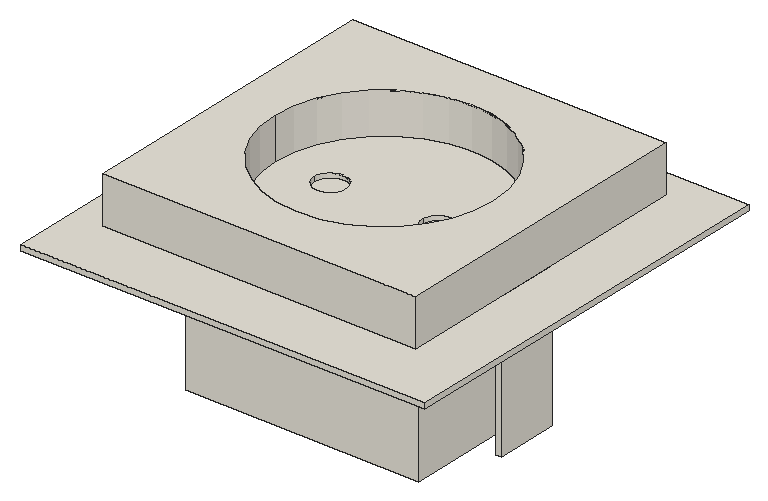
Revit family "Gira_018827", category Electrical Fixtures, host Face, Revit 2017
Family settings
  Host = Face
  Maintain Annotation Orientation = Yes
  Round Connector Dimension = Use Diameter
  Part Type = Normal
  Cut with Voids When Loaded = No
  Shared = No
  Room Calculation Point = No
Parameters (values of type "SCHUKO System 55 Reinweiß m")
  Überspannungsschutz = "No"
  Werkstoffgüte = "sonstige"
  Werkstoff = "sonstige"
  Verdrehter Zentraleinsatz = "No"
  URL = "http://katalog.gira.de/de_DE/datenblatt.html?artikelnr=018827"
  Transparent = "No"
  Textfeld/Beschriftungsfläche = "No"
  Sonderstromversorgung = "ohne Sonderstromversorgung"
  Schutzleiterkontakt rund = "No"
  Schutzkontakt = "Yes"
  Region = "DE"
  RAL-Nummer (ähnlich) = "9010 "
  Oberfläche = "sonstige"
  Nennstrom = "16 Ampere"
  Nennspannung = "250 Volt"
  Name = "SCHUKO System 55 Reinweiß m"
  Montageart = "unter Putz"
  Model = "SYS55_Steckdose"
  Mit erhöhtem Berührungsschutz = "No"
  Mit eingebauter USB-Spannungsversorgung = "No"
  Mit Signallampe = "No"
  Mit Orientierungsbeleuchtung = "No"
  Mit Klappdeckel = "No"
  Mit Funktionsbeleuchtung = "No"
  Mit Feinsicherung = "No"
  Mit Ein-/Ausschalter = "No"
  Mit Durchschleiffunktion = "No"
  Min. Tiefe der Gerätedose = "0.032 m"
  Manufacturer URL = "https://www.gira.de/"
  Isolierter Einbau = "No"
  HeinzeBIM = "https://bimportal.heinze.de/bim/schuko-system-55-reinweiss-m/7a5967c5ed9a8bfdf269b364df9fa28f87b0c335"
  Halogenfrei = "Yes"
  HAN = "018827"
  Geeignet für Schutzart (IP) = "IP20"
  GTIN = "4010337188278"
  Für "erschwerte Bedingungen" (nach VDE) = "No"
  Frequenz = "50 - 50"
  Fehlerstromschutz = "No"
  Farbe = "weiß"
  Default Elevation = 1219.2 mm
  Data sheet (1) = "https://katalog.gira.de/de_DE/download.html?artikelnr=018827"
  Cremeweiß glänzend = Cremeweiß glänzend
  Category = "Steckdose"
  Befestigungsart = "Krallen-/Schraubbefestigung"
  Available = "Yes"
  Auswurfmechanismus = "No"
  Ausführung der Oberfläche = "matt"
  Ausführung = "Schuko"
  Aufdruck/Kennzeichnung = "ohne Aufdruck"
  Anzahl der Steckdosen schaltbar = "0 "
  Anzahl der Module (bei Modulbauweise) = "1 "
  Anzahl der Einheiten = "1 "
  Antibakterielle Behandlung = "No"
  Anschlussart = "Steckklemme"
  Abschließbar = "No"
Reference planes
  plane 1 "Center (Front/Back)": y = 0
  plane 2 "Reference Level 0": z = 0
  plane 3 "Center (Left/Right)": x = 0
  plane 4: x = 9.5
  plane 5: x = -9.5
  plane 6: x = 9.5
  plane 7: x = -9.5
  plane 8: x = 9.5
  plane 9: x = -9.5
  plane 10: x = 17.5
  plane 11 "Reference Level 1": z = 8.2
Forms (mm)
  Extrusion 1, solid, material "Cremeweiß glänzend" <- "Cremeweiß glänzend", detail levels coarse
    sketch origin (0, 0, 0) x (1, 0, 0) y (0, 1, 0)
      loop
        line (-35.5, 35.5) -> (-35.5, -35.5) -> (35.5, -35.5) -> (35.5, 35.5) -> (-35.5, 35.5)
    from -27.5 to 8.2
  Extrusion 2, solid, material "Cremeweiß glänzend" <- "Cremeweiß glänzend", detail levels medium+fine
    sketch origin (0, 0, 0) x (1, 0, 0) y (0, 1, 0)
      loop
        line (-35.5, 35.5) -> (-35.5, -35.5) -> (35.5, -35.5) -> (35.5, 35.5) -> (-35.5, 35.5)
    from -2.2 to -3.2
  Extrusion 3, solid, material "Cremeweiß glänzend" <- "Cremeweiß glänzend", detail levels medium+fine
    sketch origin (0, 0, 0) x (1, 0, 0) y (0, 1, 0)
      loop
        line (-27.5, 27.5) -> (-27.5, -27.5) -> (27.5, -27.5) -> (27.5, 27.5) -> (-27.5, 27.5)
      loop
        circle (0, 0) r 19.2
    from 0 to 8.2
  Extrusion 4, solid, material "Cremeweiß glänzend" <- "Cremeweiß glänzend", detail levels fine
    sketch origin (0, 0, 0) x (1, 0, 0) y (0, 1, 0)
      loop
        circle (0, 0) r 19.2
      loop
        circle (9.5, 0) r 2.8
      loop
        circle (-9.5, 0) r 2.8
    from 0 to 1
  Extrusion 5, solid, material "Cremeweiß glänzend" <- "Cremeweiß glänzend", detail levels fine
    sketch origin (0, 0, 0) x (1, 0, 0) y (0, 1, 0)
      loop
        circle (-9.5, 0) r 2.8
      loop
        circle (9.5, 0) r 2.8
    from -2.2 to 0.3
  Extrusion 6, solid, material "Cremeweiß glänzend" <- "Cremeweiß glänzend", detail levels medium
    sketch origin (0, 0, 0) x (1, 0, 0) y (0, 1, 0)
      loop
        circle (0, 0) r 19.2
      loop
        circle (9.5, 0) r 2.8
      loop
        circle (-9.5, 0) r 2.8
    from 7.2 to 8.2
  Extrusion 7, solid, material "Cremeweiß glänzend" <- "Cremeweiß glänzend", detail levels medium
    sketch origin (0, 0, 0) x (1, 0, 0) y (0, 1, 0)
      loop
        circle (-9.5, 0) r 2.8
      loop
        circle (9.5, 0) r 2.8
    from 7.2 to 8.2
  Extrusion 8, solid, material "Cremeweiß glänzend" <- "Cremeweiß glänzend", detail levels medium+fine
    sketch origin (0, 0, 0) x (1, 0, 0) y (0, 1, 0)
      loop
        line (-20.5, 9) -> (-20.5, -18) -> (20.5, -18) -> (20.5, 9) -> (17.5, 9) -> (3, 21) -> (3, 24) -> (-3, 24) -> (-3, 21) -> (-17.5, 9) -> (-20.5, 9)
    from 0 to -27.5
  Extrusion 9, solid, material "Cremeweiß glänzend" <- "Cremeweiß glänzend", detail levels medium+fine
    sketch origin (0, 0, 0) x (1, 0, 0) y (0, 1, 0)
      loop
        line (-25, 5.5) -> (-25, -5.5) -> (-24, -5.5) -> (-24, 5.5) -> (-25, 5.5)
    from 0 to -27.5
  Extrusion 10, solid, material "Cremeweiß glänzend" <- "Cremeweiß glänzend", detail levels medium+fine
    sketch origin (0, 0, 0) x (-1, 0, 0) y (0, -1, 0)
      loop
        line (-25, 5.5) -> (-25, -5.5) -> (-24, -5.5) -> (-24, 5.5) -> (-25, 5.5)
    from 0 to -27.5
Dimensions and locks
  aligned and locked: plane 2 "Reference Level 0" to host face
  aligned and locked: level to host face
  aligned and locked: plane 3 "Center (Left/Right)" to nested 1
  aligned and locked: plane 1 "Center (Front/Back)" to nested 1
Nested families
  nested 1: "Steckdose 1-fach Beschriftung" at (0, 0, 0), type "Steckdose 1-fach Beschriftung"
Connectors
  electrical at (0, 9, -27.5)
    settings: on Extrusion 8, index 1, voltage 220 V, apparent load 0 VA, apparent load phase1 0 VA, apparent load phase2 0 VA, apparent load phase3 0 VA, power factor 1, load classification "Other", number of poles 1, system type 31, power factor state 1, is connector primary yes, connector utility no, sub classification motor no, connector description ""
Definition of nested family "Steckdose 1-fach Beschriftung"
  Reference planes
    plane 1: y = 0
    plane 2: x = 0
  Lines and regions (mm)
    detail lines
      curve 1: line (0, 0, 0) -> (0, 2, 0)
      curve 3: line (0, 2, 0) -> (-1, 2, 0)
      curve 4: arc (1, 3, 0) -> (0, 2, 0) -> (-1, 3, 0) r 1
      curve 5: line (0, 2, 0) -> (1, 2, 0)
    reference lines
      curve 2: line (-0.485, 3, 0) -> (2.315, 3, 0)
  Dimensions and locks
    curve 1 to curve 1 = 2 mm
    plane 1 to curve 2 = 3 mm
    curve 3 to curve 3 = 1 mm
